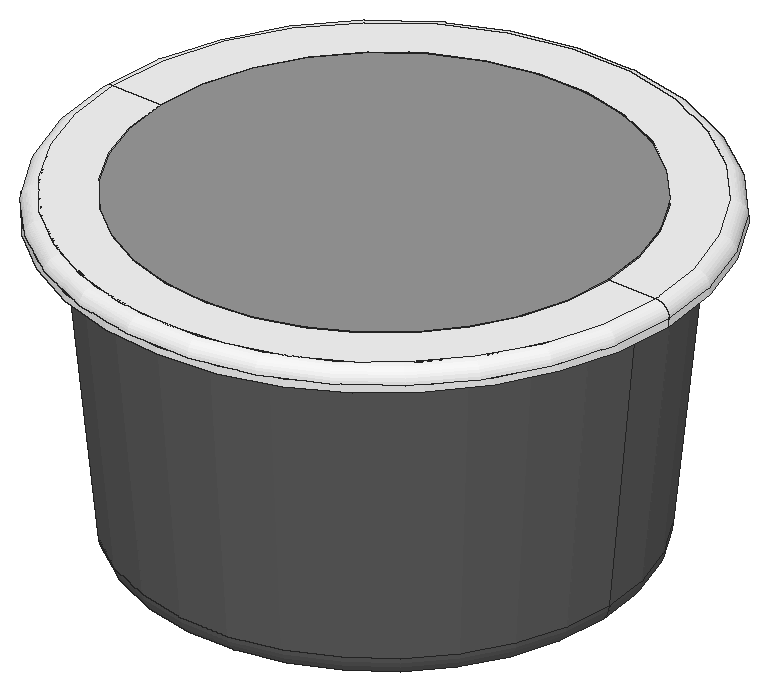
Revit family "3098100 Lighting Fixture_Sylvania_Insaver LED II 150 LO_Ceiling Recessed", category Lighting Fixtures, host Face, Revit 2017
Family settings
  Host = Face
  Round Connector Dimension = Use Diameter
  Part Type = Normal
  OmniClass Number = 23.80.70.11.17
  OmniClass Title = Specialized Lighting by Location or Use
  Cut with Voids When Loaded = No
  Light Source = Yes
  Shared = No
  Room Calculation Point = No
Parameters (values of type "Insaver LED II 150 Low Output WW EB")
  Ta Rating = "0°C to 55°C"  # constant formula
  Reflector Radius = Body Radius - 2.0 mm  # 73.0 mm
  Reflector Material = Metal_Sylvania_Insaver LED II_Polished
  Radius = Diameter / 2  # 84.5 mm
  LOR = "100%"  # constant formula
  IP Rating = "IP23 (44 with accessory)"  # constant formula
  Height = 87.0 mm
  Glare Control = "UGR <19 (using accessory)"  # constant formula
  Energy Class = "A++,A+,A"  # constant formula
  Weight = 0 kg
  Wattage = 17 W
  built-in parameter 1150110 = 1 (stored number, unit not read)
  Voltage Comments = "UNV (Universal Voltage; 220-240 Volt)"  # constant formula
  Voltage = 230 V  # constant formula
  URL = "http://www.sylvania-lighting.com"
  built-in parameter 1114217 = 1 (stored number, unit not read)
  Tilt Angle = -90°
  built-in parameter 1150109 = 1 (stored number, unit not read)
  built-in parameter 1150134 = (empty or 0)
  built-in parameter 1150113 = 1 (stored number, unit not read)
  Product Page URL = "http://www.sylvania-lighting.com/product/en-int/products/3098100"
  Product Family = "INSAVER LED II 150"  # constant formula
  Photometry Comments = ""
  Photometric Web File = "3098100_InsaverLEDII150LowOutputWWEB-200023.ies"
  Life = "50 000 h"  # constant formula
  Emit from Circle Diameter = Diffuser Diameter  # 133.0 mm
  Emit Shape Visible in Rendering = no
  Drive Current = "700mA"  # constant formula
  Distribution type = "Direct - symmetrical"  # constant formula
  Diffuser Material = Glass_Sylvania_Insaver LED II_3000K
  Diffuser Diameter = Diameter - 36.0 mm  # 133.0 mm
  Diameter = 169.0 mm
  Cutout Diameter = Diameter - 19.0 mm  # 150.0 mm
  Colour consistency (SDCM) = "3 step"  # constant formula
  built-in parameter 1114216 [instance] = 1 (stored number, unit not read)
  Model = "Insaver LED II 150 Low Output WW EB"
  Manufacturer = "Feilo Sylvania"
  built-in parameter 1150105 = 131.22 (stored number, unit not read)
  Lumens = 1649 lm
  built-in parameter 1150115 = 1 (stored number, unit not read)
  built-in parameter 1150137 = (empty or 0)
  built-in parameter 1150139 = (empty or 0)
  built-in parameter 1150112 = 1 (stored number, unit not read)
  built-in parameter 1150114 = 1 (stored number, unit not read)
  Lamp Comments = "Integrated LED"  # constant formula
  Lamp = ""
  built-in parameter 1150132 = 2
  built-in parameter 1150102 = (empty or 0)
  built-in parameter 1150107 = 3000 (stored number, unit not read)
  built-in parameter 1150138 = (empty or 0)
  built-in parameter 1150106 = 1.3122 (stored number, unit not read)
  CRI ( Ra ) = 80  # constant formula
  Body Material = Plastic_Sylvania_Insaver LED II_Black
  built-in parameter 1150104 = 9.0116 (stored number, unit not read)
  Dimming Lamp Color Temperature Shift = <None>
  Description = "Circular LED downlight with up to 114lm/W efficacy and 2,400 luminaire lumen output. Innovative easy installation system allows for a rapid, single point installation. For 150mm cut outs. IP44 or UGR<19 compliant with additional accessories. 3 hour emergency and surface mounted versions available. Plus3 version includes Wieland GST connector."  # constant formula
  Default Elevation = 0.0 mm
  Color Filter = 16777215
  Catalog Number = "3098100 Insaver LED II 150 Low Output WW EB"
  built-in parameter 1140040 [instance] = 1
  Body Radius = Cutout Diameter / 2  # 75.0 mm
  Beam Angle = 76°  # constant formula
  built-in parameter 1114218 = 1 (stored number, unit not read)
  built-in parameter 1150133 = 10 (stored number, unit not read)
  Assembly Code = "D5020200"
  Apparent Load Comments = ""
  Apparent Load = 17 VA
  Accessory Material = Plastic_Sylvania_Insaver LED II_White
Reference planes
  plane 1 "Center (Front/Back)": y = 0
  plane 2: z = 0
  plane 3 "Center (Left/Right)": x = 0
  plane 4 "Fixture Top": z = -87
  plane 5 "Fixture Bottom": z = 6
  plane 6 "Reflector Top": z = -60
Forms (mm)
  Extrusion 1, void
    sketch origin (0, 0, 0) x (1, 0, 0) y (0, 1, 0)
      loop
        circle (0, 0) r 75
    from -87 to 0
  Revolve 2, solid, material "Plastic_Sylvania_Insaver LED II_White" <- "Accessory Material", detail levels fine
    sketch origin (0, 0, 0) x (1, 0, 0) y (0, 0, 1)
      loop
        line (-84.5, 0) -> (-66.5, 0) -> (-66.5, 6) -> (-80.5, 6)
        arc (-80.5, 6) -> (-83.328, 4.828) -> (-84.5, 2) r 4
        line (-84.5, 2) -> (-84.5, 0)
      axis (0, 6) -> (0, 0)
    angle from 0 to 360
  Revolve 3, solid, material "Plastic_Sylvania_Insaver LED II_Black" <- "Body Material", detail levels fine
    sketch origin (0, 0, 0) x (1, 0, 0) y (0, 0, 1)
      loop
        line (0, -87) -> (0, -85) -> (-59.475, -85)
        arc (-59.475, -85) -> (-62.901, -83.847) -> (-64.933, -80.857) r 5.666
        arc (-64.933, -80.857) -> (-70.978, -41.634) -> (-73, -2) r 389.454
        line (-73, -2) -> (-73, 0) -> (-75, 0) -> (-75, -2)
        arc (-75, -2) -> (-73.011, -41.414) -> (-67.063, -80.428) r 391.454
        arc (-67.063, -80.428) -> (-64.495, -85.129) -> (-59.475, -87) r 7.666
        line (-59.475, -87) -> (0, -87)
      axis (0, 0) -> (0, -87)
    angle from 0 to 360
  Extrusion 4, solid, material "Glass_Sylvania_Insaver LED II_3000K" <- "Diffuser Material", detail levels fine
    sketch origin (0, 0, 0) x (1, 0, 0) y (0, 1, 0)
      loop
        circle (0, 0) r 66.5
    from 0 to 6
  Revolve 5, solid, material "Metal_Sylvania_Insaver LED II_Polished" <- "Reflector Material", detail levels fine
    sketch origin (0, 0, 0) x (1, 0, 0) y (0, 0, 1)
      loop
        line (-73, 0) -> (-73, -2)
        arc (-73, -2) -> (-46.618, -43.735) -> (0, -60) r 74.94
        line (0, -60) -> (0, -58)
        arc (0, -58) -> (-45.285, -42.24) -> (-71, -1.769) r 72.94
        line (-71, -1.769) -> (-71, 0) -> (-73, 0)
      axis (0, 0) -> (0, -60)
    angle from 0 to 360
  Revolve 6, solid, material "Plastic_Sylvania_Insaver LED II_White" <- "Accessory Material", detail levels coarse+medium
    sketch origin (0, 0, 0) x (1, 0, 0) y (0, 0, 1)
      loop
        line (0, -87) -> (0, 6) -> (-84.5, 6) -> (-84.5, 0) -> (-75, 0) -> (-75, -2)
        arc (-75, -2) -> (-73.011, -41.414) -> (-67.063, -80.428) r 391.454
        arc (-67.063, -80.428) -> (-64.495, -85.129) -> (-59.475, -87) r 7.666
        line (-59.475, -87) -> (0, -87)
      axis (0, 6) -> (0, -87)
    angle from 0 to 360
Lines and regions (mm)
  Masking region 1
    outline origin (0, 0, 0) x (1, 0, 0) y (0, 1, 0)
      loop
        circle (0, 0) r 84.5
  symbolic lines, detail levels fine
    curve 1: arc (66.5, 0, 0) -> (0, 66.5, 0) -> (-66.5, 0, 0) r 66.5
    curve 2: arc (-66.5, 0, 0) -> (0, -66.5, 0) -> (66.5, 0, 0) r 66.5
Dimensions and locks
  "Height": plane 2 to plane 4 "Fixture Top"
  plane 5 "Fixture Bottom" to plane 2 = 6.0 mm
  "Radius": plane 3 "Center (Left/Right)" to Revolve 2 sketch curve
  locked: Revolve 2 sketch curve to plane 2 at 2
  Revolve 2 sketch curve to Revolve 2 sketch curve = 18.0 mm
  "Body Radius": plane 3 "Center (Left/Right)" to Revolve 3 sketch curve
  locked: Revolve 3 sketch curve to Revolve 3 sketch curve at 2
  locked: Revolve 3 sketch curve to plane 4 "Fixture Top" at 2
  "Reflector Radius": Revolve 5 sketch curve to plane 3 "Center (Left/Right)"
  locked: Revolve 5 sketch curve to Revolve 5 sketch curve at 2
  "Radius": Revolve 6 sketch curve to imposter light
  locked: Revolve 6 sketch curve to Revolve 6 sketch curve at 9.5
  "Cutout Diameter": diameter of Extrusion 1 sketch curve
  "Diffuser Diameter": diameter of Extrusion 4 sketch curve
  aligned and locked: plane 2 to host face
  aligned and locked: level to host face
  aligned and locked: Extrusion 1 to plane 4 "Fixture Top"
  aligned and locked: plane 2 to Extrusion 1
  aligned and locked: Revolve 2 sketch curve to plane 2
  aligned and locked: Revolve 2 sketch curve to plane 5 "Fixture Bottom"
  aligned and locked: Revolve 2 sketch curve to plane 3 "Center (Left/Right)"
  aligned and locked: Revolve 3 sketch curve to plane 3 "Center (Left/Right)"  (x2)
  aligned and locked: Extrusion 4 to plane 2
  aligned and locked: plane 5 "Fixture Bottom" to Extrusion 4
  aligned and locked: plane 4 "Fixture Top" to Revolve 3 sketch curve
  aligned and locked: Revolve 3 sketch curve to plane 2
  aligned and locked: Revolve 5 sketch curve to host face
  aligned and locked: Revolve 5 sketch curve to plane 3 "Center (Left/Right)"
  aligned and locked: plane 6 "Reflector Top" to Revolve 5 sketch curve
  aligned and locked: plane 3 "Center (Left/Right)" to Revolve 5 sketch curve
  aligned and locked: imposter light to plane 3 "Center (Left/Right)"
  aligned and locked: imposter light to plane 1 "Center (Front/Back)"
  aligned and locked: imposter light to plane 5 "Fixture Bottom"
  aligned and locked: Revolve 6 sketch curve to plane 3 "Center (Left/Right)"  (x2)
  aligned and locked: plane 4 "Fixture Top" to Revolve 6 sketch curve
  aligned and locked: Revolve 6 sketch curve to imposter light
  aligned and locked: Masking region 1 sketch curve to Revolve 6  (x2)
  aligned and locked: curve 1 to Extrusion 4
  aligned and locked: curve 2 to Extrusion 4
Automatic sketch dimensions
  host sketch curve to host sketch curve = 1040.406 mm
  host sketch curve to host sketch curve = 988.385 mm
  plane 1 "Center (Front/Back)" to Extrusion 1 sketch curve = 0.0 mm
  Extrusion 1 sketch curve to plane 3 "Center (Left/Right)" = 0.0 mm
  Revolve 2 sketch curve to level = 23.903 mm
  plane 5 "Fixture Bottom" to Revolve 2 sketch curve = 38.423 mm
  Revolve 3 sketch curve to Revolve 3 sketch curve = 0.0 mm  (x4)
  Revolve 3 sketch curve to plane 3 "Center (Left/Right)" = 59.475 mm
  Revolve 3 sketch curve to level = 2.0 mm
  plane 3 "Center (Left/Right)" to Revolve 3 sketch curve = 316.454 mm
  Revolve 3 sketch curve to Revolve 3 sketch curve = 5.666 mm
  Revolve 3 sketch curve to level = 21.34 mm
  plane 5 "Fixture Bottom" to Revolve 3 sketch curve = 47.66 mm
  plane 1 "Center (Front/Back)" to Extrusion 4 sketch curve = 0.0 mm
  Extrusion 4 sketch curve to plane 3 "Center (Left/Right)" = 0.0 mm
  Revolve 5 sketch curve to Revolve 5 sketch curve = 0.0 mm
  Revolve 5 sketch curve to Revolve 5 sketch curve = 2.0 mm
  Revolve 5 sketch curve to level = 2.0 mm
  Revolve 5 sketch curve to plane 4 "Fixture Top" = 30.934 mm
  Revolve 5 sketch curve to Revolve 5 sketch curve = 27.127 mm
  Revolve 6 sketch curve to level = 0.0 mm
  plane 4 "Fixture Top" to Revolve 6 sketch curve = 7.666 mm
  Revolve 6 sketch curve to plane 3 "Center (Left/Right)" = 59.475 mm
  Revolve 6 sketch curve to level = 2.0 mm
  plane 3 "Center (Left/Right)" to Revolve 6 sketch curve = 316.454 mm
  Revolve 6 sketch curve to level = 21.34 mm
  Revolve 6 sketch curve to Revolve 6 sketch curve = 47.66 mm
Connectors
  electrical at (0, 0, -87), driven by "Voltage", driven by "Apparent Load"
    settings: index 1, voltage 230 V, apparent load 0 VA, apparent load phase1 17 VA, apparent load phase2 0 VA, apparent load phase3 0 VA, power factor 1, load classification "Lighting", number of poles 1, system type 31, power factor state 1, is connector primary yes, connector utility no, sub classification motor no, connector description ""
